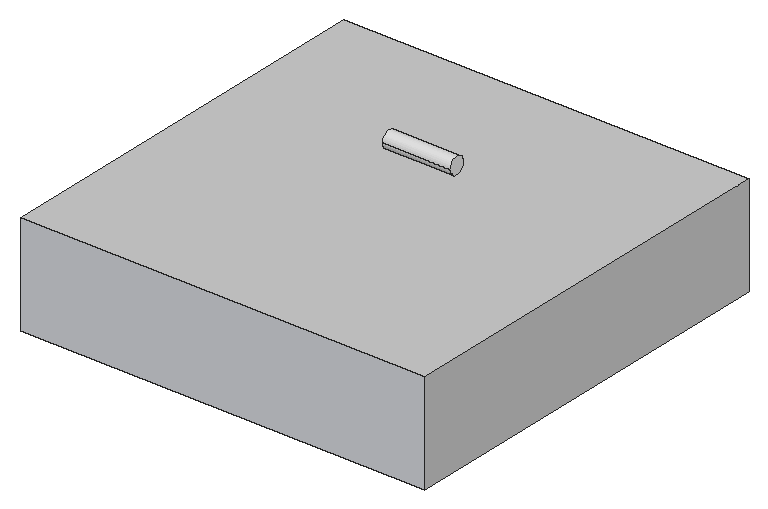
Revit family "DOMO SENSIA-L PILA", category Aparatos sanitarios, Revit 2015
Parameters (values of type "79000")
  URL = "http://www.prestoiberica.com/lavabo/electronicos/presto-domo-sensia-l?c=es"
  Teléfono = "(+34) 915 782 575"
  TIPO DE AGUA = ""
  REFERENCIA = "79000"
  Presión Máxima = "8 bar"
  PESO BRUTO = "1.300 Kg"
  Modelo = "PRESTO DOMO SENSIA L"
  Material = LATON CROMADO
  Imagen de tipo = <Ninguno>
  Fabricante = "PRESTO IBÉRICA"
  Default Elevation = 1219.2 mm
  ENTRADA = "Macho 1/2\""
  Descripción = "Grifo electrónico para lavabo mezclador, fijación sobre repisa."
  Código de montaje = "C1030220"
  Contacto = "info@prestoiberica.com"
  Conexión AF = yes
  Conexión AC = yes
  Comentarios de tipo = "◦Ahorro de agua y energía\r\n◦Proceso automático de adaptación al medio\r\n◦Componentes integrados: mantenimiento sencillo y excelente estanqueidad\r\n◦Conexiones internas estancas\r\n◦Cierre automático en caso de pila agotada\r\n◦Aclarado automático cada 24h\r\n◦Suministrado con: Elementos de fijación, junta y arandela\r\n◦2 latiguillos flexibles de 350 mm, con tuercas de ½”\r\n◦2 válvulas antirretorno\r\n◦2 llaves de paso en escuadra con entrada de ½” y salida de ½”\r\n◦Batería CPR2 o alimentador 12 V según modelo\r\n◦Transformador"
  CIERRE = ""
  CAUDAL = "6 L/Min"
  Accionamiento = ""
Reference planes
  plane 1 "Centro (Frontal/Posterior)": y = 0
  plane 2: z = 0
  plane 3 "Centro (Izquierda/Derecha)": x = 0
Forms (mm)
  Extrusion 1, solid
    sketch origin (0, 0, 0) x (1, 0, 0) y (0, 1, 0)
      loop
        line (-100, 100) -> (-100, -100) -> (100, -100) -> (100, 100) -> (-100, 100)
    from 0 to -50
  Extrusion 2, solid, material "LATON CROMADO"
    sketch origin (0, 0, 0) x (0, 1, 0) y (0, 0, 1)
      loop
        circle (3.023, 24.965) r 4.027
    from 0 to 33.416
Dimensions and locks
  Extrusion 1 sketch curve to plane 1 "Centro (Frontal/Posterior)" = 100 mm
  aligned and locked: plane 2 to Extrusion 1
  aligned and locked: level to Extrusion 1
Connectors
  piping at (0, 1.736, -12.096), diameter 12.7
    settings: on import instance, index 1, connector inside diameter 609.6 mm, connector length 0 mm, flow factor 0, pipe flow 0.0 L/s, pressure drop 0.0 Pa, fitting loss kfactor 0, connector angle 0.00°, fixture units 0, engagement length 0 mm, angle of deflection 0.00°, flow configuration 0, flow direction 1, fitting loss method 0, system type 7, joint type 0, gender type 0, connector reference index -1, connector utility 0, adjustable connector no, is connector primary yes, connector description ""
